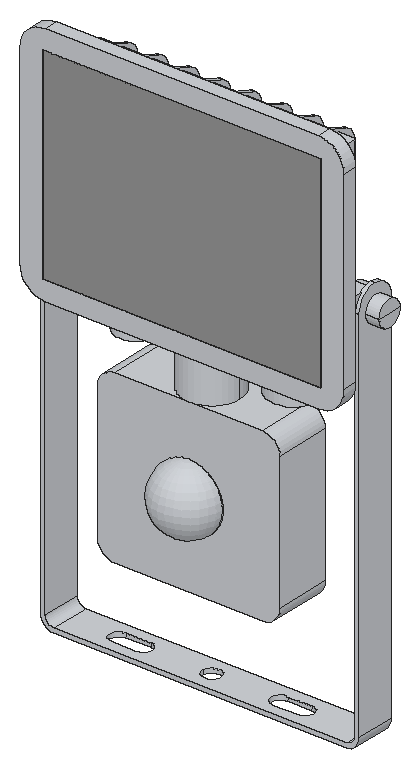
Revit family "0047120", category Lighting Fixtures, Revit 2017
Family settings
  Round Connector Dimension = Use Diameter
  Part Type = Normal
  OmniClass Number = 23.80.70.00
  OmniClass Title = Lighting
  Work Plane-Based = No
  Always vertical = Yes
  Cut with Voids When Loaded = No
  Light Source = Yes
  Shared = No
  Room Calculation Point = No
Parameters (values of type "0047120 SYLFLOOD IP54 PIR 1850LM 830 WHITE")
  Weight = "2.85 kg"
  Wattage = 19 W
  WarrantyStartDate [instance] = "n/a"
  WarrantyGuarantorParts = "n/a"
  WarrantyDurationUnit = "n/a"
  WarrantyDurationParts = "n/a"
  WarrantyDescription = "n/a"
  built-in parameter 1150110 = 1 (stored number, unit not read)
  Voltage = 0 V
  URL = "http://www.sylvania-lighting.com"
  TypeName = "SylFlood IP54 PIR 1850LM 830 White"
  built-in parameter 1114217 = 1 (stored number, unit not read)
  Tilt Angle = 0.00°
  built-in parameter 1150109 = 1 (stored number, unit not read)
  built-in parameter 1150134 = (empty or 0)
  built-in parameter 1150113 = 1 (stored number, unit not read)
  SerialNumber [instance] = "n/a"
  PowerFactor = 0.9
  PowerConsumption = "19.0 W"
  Photometric Web File = "0047120.ies"
  NominalWidth = 0 mm
  NominalLength = 190 mm
  NominalHeight = 52 mm
  Name = "SylFlood IP54 PIR 1850LM 830 White"
  ModelReference = "SylFlood IP54 PIR 1850LM 830 White"
  ModelNumber = "0047120"
  Model = "SylFlood IP54 PIR 1850LM 830 White"
  Material_4_FEILO = none
  Material_3_FEILO = none
  Material_2_FEILO = Default New Material
  Material_1_FEILO = none
  Material = "n/a"
  ManufacturerName = "Feilo Sylvania"
  Manufacturer = "Feilo Sylvania"
  LuminousEfficacy = "97 lm/W"
  Lumens = 1843 lm
  LuminaireType = ""
  built-in parameter 1150115 = 1 (stored number, unit not read)
  built-in parameter 1150105 = -1325633 (stored number, unit not read)
  LightOutputRatio = "n/a"
  built-in parameter 1150137 = (empty or 0)
  built-in parameter 1150139 = (empty or 0)
  LampsType = "LED"
  LampNominalLuminous = "1850 lm"
  LampMacAdamStep = "5"
  LampColourTemperature = "3000 K"
  LampColourRenderingIndex = "80"
  built-in parameter 1150112 = 1 (stored number, unit not read)
  built-in parameter 1150114 = 1 (stored number, unit not read)
  Lamp = "LED"
  LUM_WIDTH_SYL = 57 mm  # constant formula
  LUM_HEIGHT_SYL = 43 mm  # constant formula
  LUM_EXTR_ST_SYL = -5 mm
  LUM_EXTR_END_SYL = 0 mm
  LUM_DEPTH_SYL = 28 mm
  Keynote = "16500"
  InstallationDate [instance] = "n/a"
  InputVoltage = "n/a"
  InputNominalFrequency = "n/a"
  built-in parameter 1150132 = 2
  built-in parameter 1150102 = (empty or 0)
  built-in parameter 1150138 = (empty or 0)
  built-in parameter 1150107 = 3000 (stored number, unit not read)
  IngressProtection = "IP54"
  ImpactProtectionIndex = "IK06"
  built-in parameter 1150106 = -13256.3 (stored number, unit not read)
  IfcExportType = "IfcLightFixtureType"
  IfcExportAs = "IfcLightFixtureType"
  ElectricShockClassification = "Class I"
  built-in parameter 1150104 = 9.0116 (stored number, unit not read)
  DocumentationLiterature = "http://www.sylvania-lighting.com/product/en-int/products/0047120"
  DimmingControlOptions = "n/a"
  Dimming Lamp Color Temperature Shift = <None>
  DIF_WIDTH_SYL = 49 mm  # constant formula
  DIF_HEIGHT_SYL = 36 mm  # constant formula
  CreatedOn = "44168"
  CreatedBy = "@sylvania-lighting.com"
  Color Filter = 16777215
  ClassificationValue = "EF_70_80"
  ClassificationName = "Uniclass2015"
  CABLE_SIDE_DIST_SYL = 28.5 mm
  CABLE_LENGTH_SYL = 5 mm
  CABLE_FRONT_DIST_SYL = 17.5 mm
  CABLES_DIST_SYL = 56 mm
  BarCode [instance] = "n/a"
  built-in parameter 1114218 = 1 (stored number, unit not read)
  B_RAIL_R_DIST_SYL = 7 mm
  B_RAIL_HEIGHT_SYL = 27 mm
  B_RAIL_DEPTH_SYL = 44 mm
  B_RAIL_CHAMFER_SYL = 7 mm
  BRACKET_HOLDER_WIDTH_SYL = 12 mm
  BRACKET_HOLDER_HEIGHT_SYL = 17 mm
  BRACKET_HOLDER_DIST_SIDE_SYL = 2.8 mm
  BRACKET_HOLDER_DIST_BOTT_SYL = 22 mm
  BRACKET_HOLDER_DEPTH_SYL = 5.7 mm
  BOX_WIDTH_SYL = 45.5 mm
  BOX_TOP_DIST_SYL = 10.5 mm
  BOX_DEPTH_SYL = 14 mm
  BOX_BOTT_DIST_SYL = 28 mm
  BACK_RAIL_WIDTH_SYL = 1.4 mm
  BACK_RAIL_SIDE_DIST_SYL = 18 mm
  BACK_PL_EXTR_ST_SYL = -6 mm
  BACK_PL_EXTR_ST(-1)_SYL = BACK_PL_EXTR_ST_SYL * (-1)  # 6 mm
  BACK_PL_EXTR_END_SYL = -3 mm
  BACK_PL_EXTR_END(-1)_SYL = BACK_PL_EXTR_END_SYL * (-1)  # 3 mm
  built-in parameter 1150133 = 10 (stored number, unit not read)
  AssetType = "Fixed"
  AssetIdentifier [instance] = "n/a"
  Assembly Code = "D5020200"
  Apparent Load = 19 VA
  0_18W_SYL = yes
Types (4, lengths in mm): name | TypeName | built-in parameter 1150134 | Photometric Web File | Name | ModelReference | ModelNumber | Model | LuminousEfficacy | Lumens | built-in parameter 1150105 | LampNominalLuminous | LampColourTemperature | built-in parameter 1150107 | built-in parameter 1150106 | built-in parameter 1150104 | DocumentationLiterature
  0047121 SYLFLOOD IP54 PIR 2000LM 840 WHITE | "SylFlood IP54 PIR 2000LM 840 White" | 12 | "0047121.ies" | "SylFlood IP54 PIR 2000LM 840 White" | "SylFlood IP54 PIR 2000LM 840 White" | "0047121" | "SylFlood IP54 PIR 2000LM 840 White" | "105 lm/W" | 1995 lm | -1551312 (stored number, unit not read) | "2000 lm" | "4000 K" | 4000 (stored number, unit not read) | -15513.1 (stored number, unit not read) | 9.7548 (stored number, unit not read) | "http://www.sylvania-lighting.com/product/en-int/products/0047121"
  0047120 SYLFLOOD IP54 PIR 1850LM 830 WHITE | "SylFlood IP54 PIR 1850LM 830 White" | (empty or 0) | "0047120.ies" | "SylFlood IP54 PIR 1850LM 830 White" | "SylFlood IP54 PIR 1850LM 830 White" | "0047120" | "SylFlood IP54 PIR 1850LM 830 White" | "97 lm/W" | 1843 lm | -1325633 (stored number, unit not read) | "1850 lm" | "3000 K" | 3000 (stored number, unit not read) | -13256.3 (stored number, unit not read) | 9.0116 (stored number, unit not read) | "http://www.sylvania-lighting.com/product/en-int/products/0047120"
  0047119 SYLFLOOD IP54 PIR 2000LM 840 BLACK | "SylFlood IP54 PIR 2000LM 840 Black" | 12 | "0047119.ies" | "SylFlood IP54 PIR 2000LM 840 Black" | "SylFlood IP54 PIR 2000LM 840 Black" | "0047119" | "SylFlood IP54 PIR 2000LM 840 Black" | "105 lm/W" | 1995 lm | -1551312 (stored number, unit not read) | "2000 lm" | "4000 K" | 4000 (stored number, unit not read) | -15513.1 (stored number, unit not read) | 9.7548 (stored number, unit not read) | "http://www.sylvania-lighting.com/product/en-int/products/0047119"
  0047118 SYLFLOOD IP54 PIR 1850LM 830 BLACK | "SylFlood IP54 PIR 1850LM 830 Black" | (empty or 0) | "0047118.ies" | "SylFlood IP54 PIR 1850LM 830 Black" | "SylFlood IP54 PIR 1850LM 830 Black" | "0047118" | "SylFlood IP54 PIR 1850LM 830 Black" | "97 lm/W" | 1843 lm | -1325633 (stored number, unit not read) | "1850 lm" | "3000 K" | 3000 (stored number, unit not read) | -13256.3 (stored number, unit not read) | 9.0116 (stored number, unit not read) | "http://www.sylvania-lighting.com/product/en-int/products/0047118"
Reference planes
  plane 1 "Light Source Axis (F/B)": y = 0
  plane 2: z = 0
  plane 3 "Light Source Axis (L/R)": x = 0
  plane 4 "Light Source Elevation": z = -0.469
  plane 5: x = 57
  plane 6: x = -57
  plane 7: z = 43
  plane 8: z = -43
  plane 9: x = 49
  plane 10: x = -49
  plane 11: z = 36
  plane 12: z = -36
  plane 13: y = 6
  plane 14: y = 3
  plane 15: x = -45.5
  plane 16: x = 45.5
  plane 17: y = 20
  plane 18: z = 32.5
  plane 19: z = -15
  plane 20: y = 28
  plane 21: z = -21
  plane 22: z = -9
  plane 23: y = 21
  plane 24: x = 54.2
  plane 25: x = 39.5
  plane 26: x = 28.5
  plane 27: x = -27.5
  plane 28: y = 14
  plane 29: z = -38
  plane 30: y = 27
  plane 31: z = 29
  plane 32: z = 22
  plane 33: x = 39
  plane 34: x = 37.6
  plane 35: x = 30.6
  plane 36: x = 20.8
  plane 37: x = 13.8
  plane 38: x = 12.4
  plane 39: x = 5.4
  plane 40: x = 4
  plane 41: z = -50.4
Forms (mm)
  Extrusion 1, solid
    sketch origin (0, 0, 0) x (1, 0, 0) y (0, 0, 1)
      loop
        arc (-48, 43) -> (-54.364, 40.364) -> (-57, 34) r 9
        line (-57, 34) -> (-57, -34)
        arc (-57, -34) -> (-54.364, -40.364) -> (-48, -43) r 9
        line (-48, -43) -> (48, -43)
        arc (48, -43) -> (54.364, -40.364) -> (57, -34) r 9
        line (57, -34) -> (57, 34)
        arc (57, 34) -> (54.364, 40.364) -> (48, 43) r 9
        line (48, 43) -> (-48, 43)
      loop
        line (-49, 36) -> (-49, -36) -> (49, -36) -> (49, 36) -> (-49, 36)
    from -5 <- "LUM_EXTR_ST_SYL" to 0 <- "LUM_EXTR_END_SYL"
  Extrusion 2, solid, material "Default New Material" <- "Material_2_FEILO"
    sketch origin (0, 0, 0) x (1, 0, 0) y (0, 0, 1)
      loop
        line (-49, 36) -> (-49, -36) -> (49, -36) -> (49, 36) -> (-49, 36)
    from -3 <- "BACK_PL_EXTR_END_SYL" to 0 <- "LUM_EXTR_END_SYL"
  Extrusion 3, solid
    sketch origin (0, 0, 0) x (1, 0, 0) y (0, 0, 1)
      loop
        line (49, 36) -> (-49, 36) -> (-49, -36) -> (49, -36) -> (49, 36)
    from -6 <- "BACK_PL_EXTR_ST_SYL" to -3 <- "BACK_PL_EXTR_END_SYL"
  Extrusion 4, solid
    sketch origin (0, 0, 0) x (1, 0, 0) y (0, 1, 0)
      loop
        arc (-44.5, 20) -> (-45.207, 19.707) -> (-45.5, 19) r 1
        line (-45.5, 19) -> (-45.5, 6) -> (45.5, 6) -> (45.5, 19)
        arc (45.5, 19) -> (45.207, 19.707) -> (44.5, 20) r 1
        line (44.5, 20) -> (-44.5, 20)
    from -15 to 32.5
  Extrusion 5, solid
    sketch origin (0, 0, 0) x (1, 0, 0) y (0, 1, 0)
      loop
        arc (-31.5, 28) -> (-41.399, 23.899) -> (-45.5, 14) r 14
        line (-45.5, 14) -> (-45.5, 6) -> (45.5, 6) -> (45.5, 14)
        arc (45.5, 14) -> (41.399, 23.899) -> (31.5, 28) r 14
        line (31.5, 28) -> (-31.5, 28)
    from -36 to -15
  Extrusion 6, solid
    sketch origin (0, 0, 0) x (0, 1, 0) y (0, 0, 1)
      loop
        line (5, -9) -> (5, -21) -> (15, -21)
        arc (15, -21) -> (19.243, -19.243) -> (21, -15) r 6
        arc (21, -15) -> (19.243, -10.757) -> (15, -9) r 6
        line (15, -9) -> (5, -9)
      loop
        circle (15, -15) r 2.5
    from 49 to 54.502
  Extrusion 7, solid
    sketch origin (0, 0, 0) x (1, 0, 0) y (0, 1, 0)
      loop
        circle (-27.5, 14) r 7
      loop
        circle (28.5, 14) r 9
    from -50.4 to -36
  Extrusion 8, solid
    sketch origin (1.583, 5.639, -10.469) x (0, 1, 0) y (0, 0, -1)
      loop
        line (-0.625, 4.531) -> (-0.625, -22) -> (-0.625, -49.48) -> (18.047, -42.313)
        arc (18.047, -42.313) -> (20.09, -40.922) -> (21.299, -38.767) r 5.397
        line (21.299, -38.767) -> (21.299, 4.531) -> (-0.625, 4.531)
    from -37.417 to -36.017
  Extrusion 9, solid
    sketch origin (0, 0, 0) x (0, 1, 0) y (0, 0, -1)
      loop
        line (5, 9) -> (15, 9)
        arc (15, 9) -> (19.243, 10.757) -> (21, 15) r 6
        arc (21, 15) -> (19.243, 19.243) -> (15, 21) r 6
        line (15, 21) -> (5, 21) -> (5, 9)
      loop
        circle (15, 15) r 2.5
    from 49 to 54.502
  Extrusion 10, solid
    sketch origin (-1.583, 5.639, -10.469) x (0, 1, 0) y (0, 0, 1)
      loop
        line (-0.625, -4.531) -> (21.299, -4.531) -> (21.299, 38.767)
        arc (21.299, 38.767) -> (20.09, 40.922) -> (18.047, 42.313) r 5.397
        line (18.047, 42.313) -> (-0.625, 49.48) -> (-0.625, 22) -> (-0.625, -4.531)
    from -37.417 to -36.017
  Extrusion 11, solid
    sketch origin (-75.017, 5.639, -10.469) x (0, 1, 0) y (0, 0, -1)
      loop
        line (-0.625, 4.531) -> (-0.625, -22) -> (-0.625, -49.48) -> (18.047, -42.313)
        arc (18.047, -42.313) -> (20.09, -40.922) -> (21.299, -38.767) r 5.397
        line (21.299, -38.767) -> (21.299, 4.531) -> (-0.625, 4.531)
    from -37.417 to -36.017
  Extrusion 12, solid
    sketch origin (-9.36, 5.639, -10.469) x (0, 1, 0) y (0, 0, -1)
      loop
        line (-0.625, 4.531) -> (-0.625, -22) -> (-0.625, -49.48) -> (18.047, -42.313)
        arc (18.047, -42.313) -> (20.09, -40.922) -> (21.299, -38.767) r 5.397
        line (21.299, -38.767) -> (21.299, 4.531) -> (-0.625, 4.531)
    from -37.417 to -36.017
  Extrusion 13, solid
    sketch origin (-20.302, 5.639, -10.469) x (0, 1, 0) y (0, 0, -1)
      loop
        line (-0.625, 4.531) -> (-0.625, -22) -> (-0.625, -49.48) -> (18.047, -42.313)
        arc (18.047, -42.313) -> (20.09, -40.922) -> (21.299, -38.767) r 5.397
        line (21.299, -38.767) -> (21.299, 4.531) -> (-0.625, 4.531)
    from -37.417 to -36.017
  Extrusion 14, solid
    sketch origin (-31.245, 5.639, -10.469) x (0, 1, 0) y (0, 0, -1)
      loop
        line (-0.625, 4.531) -> (-0.625, -22) -> (-0.625, -49.48) -> (18.047, -42.313)
        arc (18.047, -42.313) -> (20.09, -40.922) -> (21.299, -38.767) r 5.397
        line (21.299, -38.767) -> (21.299, 4.531) -> (-0.625, 4.531)
    from -37.417 to -36.017
  Extrusion 15, solid
    sketch origin (-42.188, 5.639, -10.469) x (0, 1, 0) y (0, 0, -1)
      loop
        line (-0.625, 4.531) -> (-0.625, -22) -> (-0.625, -49.48) -> (18.047, -42.313)
        arc (18.047, -42.313) -> (20.09, -40.922) -> (21.299, -38.767) r 5.397
        line (21.299, -38.767) -> (21.299, 4.531) -> (-0.625, 4.531)
    from -37.417 to -36.017
  Extrusion 16, solid
    sketch origin (-53.131, 5.639, -10.469) x (0, 1, 0) y (0, 0, -1)
      loop
        line (-0.625, 4.531) -> (-0.625, -22) -> (-0.625, -49.48) -> (18.047, -42.313)
        arc (18.047, -42.313) -> (20.09, -40.922) -> (21.299, -38.767) r 5.397
        line (21.299, -38.767) -> (21.299, 4.531) -> (-0.625, 4.531)
    from -37.417 to -36.017
  Extrusion 17, solid
    sketch origin (-64.074, 5.639, -10.469) x (0, 1, 0) y (0, 0, -1)
      loop
        line (-0.625, 4.531) -> (-0.625, -22) -> (-0.625, -49.48) -> (18.047, -42.313)
        arc (18.047, -42.313) -> (20.09, -40.922) -> (21.299, -38.767) r 5.397
        line (21.299, -38.767) -> (21.299, 4.531) -> (-0.625, 4.531)
    from -37.417 to -36.017
Cuts and joins
  joined: Extrusion 1, Extrusion 3, Extrusion 4, Extrusion 5
Dimensions and locks
  "LUM_WIDTH_SYL": plane 5 to plane 3 "Light Source Axis (L/R)" to plane 6
  "LUM_HEIGHT_SYL": plane 7 to plane 2 to plane 8
  "DIF_WIDTH_SYL": plane 9 to plane 3 "Light Source Axis (L/R)" to plane 10
  "DIF_HEIGHT_SYL": plane 11 to plane 2 to plane 12
  "BACK_PL_EXTR_ST(-1)_SYL": plane 1 "Light Source Axis (F/B)" to plane 13
  "BACK_PL_EXTR_END(-1)_SYL": plane 1 "Light Source Axis (F/B)" to plane 14
  "BOX_WIDTH_SYL": plane 15 to plane 3 "Light Source Axis (L/R)" to plane 16
  "BOX_DEPTH_SYL": plane 13 to plane 17
  "BOX_TOP_DIST_SYL": plane 18 to plane 7
  "BOX_BOTT_DIST_SYL": plane 8 to plane 19
  "LUM_DEPTH_SYL": plane 1 "Light Source Axis (F/B)" to plane 20
  "BRACKET_HOLDER_DIST_BOTT_SYL": plane 21 to plane 8
  "BRACKET_HOLDER_WIDTH_SYL": plane 22 to plane 21
  cut or joined group of Extrusion 1, Extrusion 3, Extrusion 4, Extrusion 5 to plane 23 = 15 mm
  locked: cut or joined group of Extrusion 1, Extrusion 3, Extrusion 4, Extrusion 5 to plane 24 at 2.8
  plane 25 to plane 24 = 14.7 mm
  "CABLES_DIST_SYL": plane 27 to plane 26
  "CABLE_SIDE_DIST_SYL": plane 26 to plane 5
  cut or joined group of Extrusion 1, Extrusion 3, Extrusion 4, Extrusion 5 to plane 28 = 14 mm
  locked: cut or joined group of Extrusion 1, Extrusion 3, Extrusion 4, Extrusion 5 to plane 29 at 5
  "B_RAIL_HEIGHT_SYL": plane 30 to plane 1 "Light Source Axis (F/B)"
  "B_RAIL_DEPTH_SYL": plane 31 to plane 19
  "B_RAIL_CHAMFER_SYL": plane 31 to plane 32
  "BACK_RAIL_SIDE_DIST_SYL": plane 5 to plane 33
  "BACK_RAIL_WIDTH_SYL": plane 33 to plane 34
  "B_RAIL_R_DIST_SYL": plane 34 to plane 35
  "B_RAIL_R_DIST_SYL": plane 36 to plane 37
  "BACK_RAIL_WIDTH_SYL": plane 37 to plane 38
  "BACK_RAIL_WIDTH_SYL": plane 39 to plane 40
  "B_RAIL_R_DIST_SYL": plane 38 to plane 39
  plane 35 to plane 26 = 2.1 mm
  equal spacing: group 2, group 8, group 7, group 6, group 5, group 4, group 3, group 1
  equal spacing: group 1, group 3, group 4, group 5, group 6, group 7, group 8, group 2  (x2)
  aligned and locked: plane 4 "Light Source Elevation" to imposter light
  aligned and locked: level to plane 2
  aligned and locked: Extrusion 1 sketch curve to plane 7
  aligned and locked: plane 6 to Extrusion 1 sketch curve
  aligned and locked: plane 8 to Extrusion 1 sketch curve
  aligned and locked: Extrusion 1 sketch curve to plane 5
  aligned and locked: Extrusion 1 sketch curve to plane 11
  aligned and locked: plane 10 to Extrusion 1 sketch curve
  aligned and locked: plane 12 to Extrusion 1 sketch curve
  aligned and locked: Extrusion 1 sketch curve to plane 9
  aligned and locked: Extrusion 2 sketch curve to Extrusion 1  (x4)
  aligned and locked: Extrusion 3 sketch curve to Extrusion 1  (x4)
  aligned and locked: Extrusion 3 to Extrusion 2
  aligned and locked: plane 17 to Extrusion 4 sketch curve
  aligned and locked: plane 15 to Extrusion 4 sketch curve
  aligned and locked: Extrusion 4 sketch curve to plane 13
  aligned and locked: Extrusion 4 sketch curve to plane 16
  aligned and locked: plane 18 to Extrusion 4
  aligned and locked: Extrusion 4 to plane 19
  aligned and locked: plane 20 to Extrusion 5 sketch curve
  aligned and locked: plane 15 to Extrusion 5 sketch curve
  aligned and locked: cut or joined group of Extrusion 1, Extrusion 3, Extrusion 4, Extrusion 5 to Extrusion 5 sketch curve
  aligned and locked: Extrusion 5 sketch curve to cut or joined group of Extrusion 1, Extrusion 3, Extrusion 4, Extrusion 5
  aligned and locked: plane 19 to Extrusion 5
  aligned and locked: Extrusion 5 to plane 12
  aligned and locked: Extrusion 6 sketch curve to plane 22
  aligned and locked: plane 21 to Extrusion 6 sketch curve
  aligned and locked: Extrusion 7 to Extrusion 2
  aligned and locked: Extrusion 6 to cut or joined group of Extrusion 1, Extrusion 3, Extrusion 4, Extrusion 5
  aligned and locked: plane 33 to Extrusion 8
  aligned and locked: Extrusion 8 to plane 34
  aligned and locked: Extrusion 7 to plane 41
Automatic sketch dimensions
  plane 10 to Extrusion 1 sketch curve = 1 mm  (x2)
  Extrusion 1 sketch curve to plane 25 = 8.5 mm  (x2)
  plane 15 to Extrusion 4 sketch curve = 1 mm
  Extrusion 4 sketch curve to plane 16 = 1 mm
  Extrusion 5 sketch curve to plane 15 = 0 mm
  Extrusion 5 sketch curve to plane 28 = 0 mm  (x2)
  Extrusion 6 sketch curve to Extrusion 6 sketch curve = 0 mm  (x5)
  Extrusion 6 sketch curve to plane 23 = 0 mm
  plane 13 to Extrusion 6 sketch curve = 1 mm
  Extrusion 7 sketch curve to plane 27 = 0 mm
  Extrusion 7 sketch curve to plane 26 = 0 mm
  Extrusion 7 sketch curve to plane 28 = 0 mm  (x2)
  Extrusion 9 sketch curve to Extrusion 9 sketch curve = 0 mm  (x6)
  Extrusion 9 sketch curve to plane 21 = 0 mm
  Extrusion 9 sketch curve to plane 22 = 0 mm
  Extrusion 9 sketch curve to plane 23 = 0 mm
  plane 13 to Extrusion 9 sketch curve = 1 mm
  Extrusion 10 sketch curve to plane 19 = 0 mm
  plane 13 to Extrusion 10 sketch curve = 0.986 mm
  Extrusion 10 sketch curve to plane 23 = 0.751 mm
  Extrusion 10 sketch curve to plane 18 = 0.656 mm
  Extrusion 10 sketch curve to plane 23 = 2.685 mm
  plane 30 to Extrusion 10 sketch curve = 0.062 mm
  Extrusion 10 sketch curve to plane 32 = 10.469 mm
  Extrusion 10 sketch curve to plane 31 = 2.195 mm
  Extrusion 8 sketch curve to Extrusion 8 sketch curve = 16.737 mm
  Extrusion 8 sketch curve to Extrusion 8 sketch curve = 1.934 mm
  Extrusion 8 sketch curve to Extrusion 8 sketch curve = 21.924 mm
  Extrusion 8 sketch curve to Extrusion 8 sketch curve = 7.167 mm
  Extrusion 8 sketch curve to Extrusion 8 sketch curve = 15.274 mm
  Extrusion 8 sketch curve to Extrusion 8 sketch curve = 26.531 mm
  Extrusion 11 sketch curve to Extrusion 11 sketch curve = 16.737 mm
  Extrusion 11 sketch curve to Extrusion 11 sketch curve = 1.934 mm
  Extrusion 11 sketch curve to Extrusion 11 sketch curve = 21.924 mm
  Extrusion 11 sketch curve to Extrusion 11 sketch curve = 7.167 mm
  Extrusion 11 sketch curve to Extrusion 11 sketch curve = 15.274 mm
  Extrusion 11 sketch curve to Extrusion 11 sketch curve = 26.531 mm
  Extrusion 12 sketch curve to Extrusion 12 sketch curve = 16.737 mm
  Extrusion 12 sketch curve to Extrusion 12 sketch curve = 1.934 mm
  Extrusion 12 sketch curve to Extrusion 12 sketch curve = 21.924 mm
  Extrusion 12 sketch curve to Extrusion 12 sketch curve = 7.167 mm
  Extrusion 12 sketch curve to Extrusion 12 sketch curve = 15.274 mm
  Extrusion 12 sketch curve to Extrusion 12 sketch curve = 26.531 mm
  Extrusion 13 sketch curve to Extrusion 13 sketch curve = 16.737 mm
  Extrusion 13 sketch curve to Extrusion 13 sketch curve = 1.934 mm
  Extrusion 13 sketch curve to Extrusion 13 sketch curve = 21.924 mm
  Extrusion 13 sketch curve to Extrusion 13 sketch curve = 7.167 mm
  Extrusion 13 sketch curve to Extrusion 13 sketch curve = 15.274 mm
  Extrusion 13 sketch curve to Extrusion 13 sketch curve = 26.531 mm
  Extrusion 14 sketch curve to Extrusion 14 sketch curve = 16.737 mm
  Extrusion 14 sketch curve to Extrusion 14 sketch curve = 1.934 mm
  Extrusion 14 sketch curve to Extrusion 14 sketch curve = 21.924 mm
  Extrusion 14 sketch curve to Extrusion 14 sketch curve = 7.167 mm
  Extrusion 14 sketch curve to Extrusion 14 sketch curve = 15.274 mm
  Extrusion 14 sketch curve to Extrusion 14 sketch curve = 26.531 mm
  Extrusion 15 sketch curve to Extrusion 15 sketch curve = 16.737 mm
  Extrusion 15 sketch curve to Extrusion 15 sketch curve = 1.934 mm
  Extrusion 15 sketch curve to Extrusion 15 sketch curve = 21.924 mm
  Extrusion 15 sketch curve to Extrusion 15 sketch curve = 7.167 mm
  Extrusion 15 sketch curve to Extrusion 15 sketch curve = 15.274 mm
  Extrusion 15 sketch curve to Extrusion 15 sketch curve = 26.531 mm
  Extrusion 16 sketch curve to Extrusion 16 sketch curve = 16.737 mm
  Extrusion 16 sketch curve to Extrusion 16 sketch curve = 1.934 mm
  Extrusion 16 sketch curve to Extrusion 16 sketch curve = 21.924 mm
  Extrusion 16 sketch curve to Extrusion 16 sketch curve = 7.167 mm
  Extrusion 16 sketch curve to Extrusion 16 sketch curve = 15.274 mm
  Extrusion 16 sketch curve to Extrusion 16 sketch curve = 26.531 mm
  Extrusion 17 sketch curve to Extrusion 17 sketch curve = 16.737 mm
  Extrusion 17 sketch curve to Extrusion 17 sketch curve = 1.934 mm
  Extrusion 17 sketch curve to Extrusion 17 sketch curve = 21.924 mm
  Extrusion 17 sketch curve to Extrusion 17 sketch curve = 7.167 mm
  Extrusion 17 sketch curve to Extrusion 17 sketch curve = 15.274 mm
  Extrusion 17 sketch curve to Extrusion 17 sketch curve = 26.531 mm
  radius of Extrusion 6 sketch curve = 2.5 mm
  radius of Extrusion 7 sketch curve = 7 mm
  radius of Extrusion 7 sketch curve = 9 mm
  radius of Extrusion 9 sketch curve = 2.5 mm
Nested families
  nested 1: "START Flood Flat - 18W_bracket - PIR" at (-1.504, 15, -114.589), type "START Flood Flat - 18W_bracket - PIR"
  nested 2: "PIR" at (0, 2.977, -89.01) x (-1, 0, 0) z (0, 0, 1), type "PIR"
  nested 3: "bolt" at (55.996, 15, -15), type "bolt"
  nested 4: "bolt" at (-56.004, 15, -15) x (-1, 0, 0) z (0, 0, 1), type "bolt"
Definition of nested family "START Flood Flat - 18W_bracket - PIR"
  Parameters (values of type "START Flood Flat - 18W_bracket - PIR")
    WIDTH_SYL = 112 mm
    WIDTH/2_SYL = WIDTH_SYL / 2  # 56 mm
    THICKNESS_SYL = 1.5 mm
    Material_4_SYL = none
    Material_3_SYL = none
    Material_2_SYL = none
    Material_1_SYL = none
    HOLE_DIST_SYL = 8.5 mm
    HOLE2_DIST_SYL = 8 mm
    HEIGHT_SYL = 145 mm
    FILLET_SYL = 7 mm
    DEPTH_2_SYL = -7 mm
    DEPTH_1_SYL = 7 mm
    CUTOUT_DIST_SYL = 24.2 mm
  Reference planes
    plane 1 "Center (Front/Back)": y = 0
    plane 2: z = 0
    plane 3 "Center (Left/Right)": x = 0
    plane 4: x = -54.5
    plane 5: x = 57.5
    plane 6: z = -37.5
    plane 7: z = 107.5
    plane 8: x = -53
    plane 9: z = -36
    plane 10: x = 56
    plane 11: z = 99.5
    plane 12: z = 100.5
    plane 13: x = 24.2
    plane 14: x = -24.2
    plane 15: x = 32.7
    plane 16: x = -32.7
  Forms (mm)
    Extrusion 1, solid
      sketch origin (0, 0, 0) x (1, 0, 0) y (0, 0, 1)
        loop
          arc (-54.5, -33) -> (-53.182, -36.182) -> (-50, -37.5) r 4.5
          line (-50, -37.5) -> (53, -37.5)
          arc (53, -37.5) -> (56.182, -36.182) -> (57.5, -33) r 4.5
          line (57.5, -33) -> (57.5, 107.5) -> (56, 107.5) -> (56, -33)
          arc (56, -33) -> (55.121, -35.121) -> (53, -36) r 3
          line (53, -36) -> (-50, -36)
          arc (-50, -36) -> (-52.121, -35.121) -> (-53, -33) r 3
          line (-53, -33) -> (-53, 107.5) -> (-54.5, 107.5) -> (-54.5, -33)
      from -7 <- "DEPTH_2_SYL" to 7 <- "DEPTH_1_SYL"
    Extrusion 2, void
      sketch origin (0, 0, 0) x (0, 1, 0) y (0, 0, 1)
        loop
          circle (0, 99.5) r 3.15
      from -54.5 to 57.5
    Extrusion 3, void
      sketch origin (0, 0, 0) x (0, 1, 0) y (0, 0, 1)
        loop
          line (7, 100.5) -> (14.83, 113.08) -> (-15.17, 113.08) -> (-7, 100.5)
          arc (-7, 100.5) -> (-4.95, 105.45) -> (0, 107.5) r 7
          arc (0, 107.5) -> (4.95, 105.45) -> (7, 100.5) r 7
      from -54.5 to 57.5
    Extrusion 4, void
      sketch origin (0, 0, 0) x (1, 0, 0) y (0, 1, 0)
        loop
          circle (0, 0) r 3.25
        loop
          arc (-32.7, 3.25) -> (-35.95, 0) -> (-32.7, -3.25) r 3.25
          line (-32.7, -3.25) -> (-24.2, -3.25)
          arc (-24.2, -3.25) -> (-20.95, 0) -> (-24.2, 3.25) r 3.25
          line (-24.2, 3.25) -> (-32.7, 3.25)
        loop
          line (24.2, -3.25) -> (32.7, -3.25)
          arc (32.7, -3.25) -> (35.95, 0) -> (32.7, 3.25) r 3.25
          line (32.7, 3.25) -> (24.2, 3.25)
          arc (24.2, 3.25) -> (20.95, 0) -> (24.2, -3.25) r 3.25
      from -54.767 to -28.006
  Cuts and joins
    Extrusion 2, Extrusion 3, Extrusion 4 cuts Extrusion 1
  Dimensions and locks
    "THICKNESS_SYL": plane 8 to plane 4
    "THICKNESS_SYL": plane 5 to plane 10
    "WIDTH_SYL": plane 5 to plane 4
    "HEIGHT_SYL": plane 7 to plane 6
    "FILLET_SYL": plane 7 to plane 12
    "CUTOUT_DIST_SYL": plane 14 to plane 3 "Center (Left/Right)" to plane 13
    "HOLE_DIST_SYL": plane 16 to plane 14
    "HOLE_DIST_SYL": plane 13 to plane 15
    "HOLE2_DIST_SYL": plane 7 to plane 11
    "WIDTH/2_SYL": plane 3 "Center (Left/Right)" to plane 10
    aligned and locked: level to plane 2
    aligned and locked: plane 4 to Extrusion 1 sketch curve
    aligned and locked: plane 6 to Extrusion 1 sketch curve
    aligned and locked: Extrusion 1 sketch curve to plane 5
    aligned and locked: plane 8 to Extrusion 1 sketch curve
    aligned and locked: plane 9 to Extrusion 1 sketch curve
    aligned and locked: Extrusion 1 sketch curve to plane 10
    aligned and locked: plane 7 to Extrusion 1 sketch curve  (x2)
    aligned and locked: Extrusion 1 to Extrusion 2  (x2)
    aligned and locked: Extrusion 1 to Extrusion 3
    aligned and locked: Extrusion 3 to Extrusion 1
  Automatic sketch dimensions
    Extrusion 1 sketch curve to Extrusion 1 sketch curve = 0 mm
    plane 8 to Extrusion 1 sketch curve = 3 mm
    Extrusion 1 sketch curve to plane 10 = 3 mm
    Extrusion 1 sketch curve to Extrusion 1 sketch curve = 3 mm
    Extrusion 2 sketch curve to plane 1 "Center (Front/Back)" = 0 mm
    Extrusion 2 sketch curve to plane 11 = 0 mm
    Extrusion 3 sketch curve to Extrusion 3 sketch curve = 0 mm
    Extrusion 3 sketch curve to plane 12 = 0 mm
    Extrusion 3 sketch curve to plane 1 "Center (Front/Back)" = 0 mm
    Extrusion 3 sketch curve to plane 7 = 0 mm
    Extrusion 3 sketch curve to Extrusion 3 sketch curve = 8.17 mm
    plane 7 to Extrusion 3 sketch curve = 5.58 mm
    Extrusion 3 sketch curve to Extrusion 3 sketch curve = 7.83 mm
    plane 1 "Center (Front/Back)" to Extrusion 4 sketch curve = 0 mm  (x3)
    Extrusion 4 sketch curve to plane 16 = 0 mm
    Extrusion 4 sketch curve to plane 14 = 0 mm
    Extrusion 4 sketch curve to plane 3 "Center (Left/Right)" = 0 mm
    Extrusion 4 sketch curve to plane 13 = 0 mm
    Extrusion 4 sketch curve to plane 15 = 0 mm
    plane 1 "Center (Front/Back)" to Extrusion 4 sketch curve = 3.25 mm  (x2)
    radius of Extrusion 2 sketch curve = 3.15 mm
    radius of Extrusion 4 sketch curve = 3.25 mm
Definition of nested family "PIR"
  Parameters (values of type "PIR")
    Material_4_SYL = none
    Material_3_SYL = none
    Material_2_SYL = none
    Material_1_SYL = none
  Reference planes
    plane 1 "Center (Front/Back)": y = 0
    plane 2: z = 0
    plane 3 "Center (Left/Right)": x = 0
    plane 4: z = -30
    plane 5: z = 30
    plane 6: x = 32
    plane 7: x = -32
    plane 8: x = 12
    plane 9: z = 12
    plane 10: z = -12
    plane 11: z = 46
    plane 12: x = 10
    plane 13: y = -10
  Forms (mm)
    Extrusion 1, solid
      sketch origin (0, 0, 0) x (1, 0, 0) y (0, 0, 1)
        loop
          arc (-26, 30) -> (-30.243, 28.243) -> (-32, 24) r 6
          line (-32, 24) -> (-32, -24)
          arc (-32, -24) -> (-30.243, -28.243) -> (-26, -30) r 6
          line (-26, -30) -> (26, -30)
          arc (26, -30) -> (30.243, -28.243) -> (32, -24) r 6
          line (32, -24) -> (32, 24)
          arc (32, 24) -> (30.243, 28.243) -> (26, 30) r 6
          line (26, 30) -> (-26, 30)
      from 0 to 20
    Revolve 2, solid
      sketch origin (0, 0, 0) x (1, 0, 0) y (0, 0, 1)
        loop
          line (0, 12) -> (0, -12)
          arc (0, -12) -> (12, 0) -> (0, 12) r 12
        axis (0, 12) -> (0, -12)
      angle from 0 to 360
    Extrusion 3, solid
      sketch origin (0, 0, 0) x (1, 0, 0) y (0, 1, 0)
        loop
          circle (0, -10) r 10
      from 30 to 46
  Dimensions and locks
    aligned and locked: level to plane 2
    aligned and locked: Extrusion 1 sketch curve to plane 5
    aligned and locked: plane 7 to Extrusion 1 sketch curve
    aligned and locked: plane 4 to Extrusion 1 sketch curve
    aligned and locked: Extrusion 1 sketch curve to plane 6
    aligned and locked: plane 3 "Center (Left/Right)" to Revolve 2 sketch curve
    aligned and locked: plane 10 to Revolve 2 sketch curve
    aligned and locked: Revolve 2 sketch curve to plane 3 "Center (Left/Right)"
    aligned and locked: plane 11 to Extrusion 3
    aligned and locked: Extrusion 3 to plane 5
Definition of nested family "bolt"
  Parameters (values of type "bolt")
    Material_4_SYL = none
    Material_3_SYL = none
    Material_2_SYL = none
    Material_1_SYL = none
  Reference planes
    plane 1 "Center (Front/Back)": y = 0
    plane 2: z = 0
    plane 3 "Center (Left/Right)": x = 0
    plane 4: x = 5
    plane 5: x = -10
    plane 6: y = 2.5
    plane 7: y = -2.5
    plane 8: y = 4.5
    plane 9: y = -4.5
  Forms (mm)
    Revolve 1, solid
      sketch origin (0, 0, 0) x (1, 0, 0) y (0, 1, 0)
        loop
          line (5, 0) -> (-10, 0) -> (-10, -2.5) -> (0, -2.5) -> (0, -4.5) -> (5, -4.5) -> (5, 0)
        axis (5, 0) -> (-10, 0)
      angle from 0 to 360
  Dimensions and locks
    aligned and locked: level to plane 2
